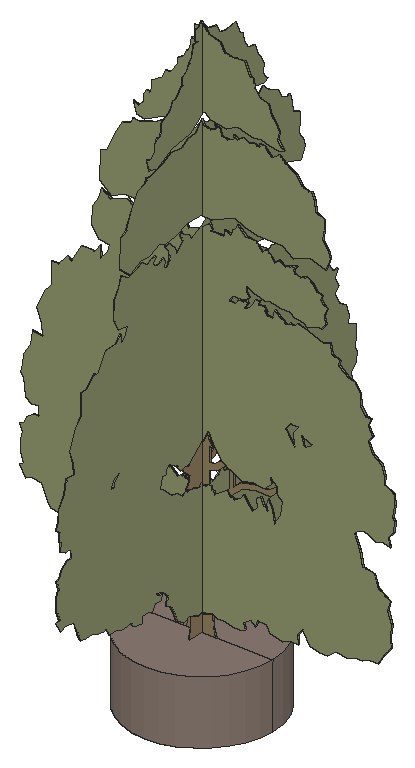
Revit family "L-PL상록교목_가이즈까향나무", category 수목, Revit 2019
Family settings
  OmniClass 번호 = 23.40.05.00
  OmniClass 제목 = Plants and Planting Products
  작업 기준면 기반 = 아니오
  항상 수직 = 예
  로드될 때 보이드를 사용하여 절단 = 아니오
  렌더 모양 소스 = 패밀리 형상
  공유 = 아니오
Parameters (values of type "가이즈까향나무")
  한국산업규격KS = ""
  콘 높이 = 뿌리분 직경 / 4  # 272.5 mm
  조달청표준공사코드-세부공종 = "10161599202809"
  뿌리분 직경 = (24 mm + ((R / 10) - 3 mm) * 5) * 10  # 1090 mm
  뿌리분 높이 = 뿌리분 직경 / 2  # 545 mm
  높이 = 5000 mm
  건설정보분류체계-부위분류 = "E985"
  R = 200 mm
  LIM_INFO_주의사항 = "재배포, 재가공, 판매 금지"
  LIM_INFO_제작일 = "20211210"
  LIM_INFO_버전 = "2022_V01"
  LIM_INFO_PL_학명 = "Quercus myrsinaefolia Bl."
  LIM_INFO_PL_품명 = "가시나무"
  LIM_INFO_PL_주당인정수량 = 0
  LIM_INFO_PL_수목단위 = "주"
  LIM_INFO_PL_규격 = "5.0H X 18R"
  LIM_INFO_PL_구분 = "상록교목"
  LIM_INFO_PL_가격 = 0
  LIM_INFO_PL_Qty [instance] = 0
  LIM_INFO_PL_M2당수량 = 0
  KBIMS_식별-버전 = ""
  KBIMS_식별-bSK등록번호 = ""
  KBIMS_보급정보-저작자 = "림인포테크_MMJ"
  KBIMS_보급정보-보급코드 = ""
  H = 높이  # 5000 mm
Reference planes
  plane 1 "중심(앞/뒤)": y = 0
  plane 2: z = 0
  plane 3 "중심(왼쪽/오른쪽)": x = 0
  plane 4: x = 482.5
  plane 5: x = -607.5
  plane 6: z = -545
  plane 7: z = -817.5
  plane 8: z = 5000
  plane 9: x = -100
  plane 10: x = 100
Forms (mm)
  Revolve 1, solid, material "흙"
    sketch origin (0, 0, 0) x (1, 0, 0) y (0, 0, 1)
      loop
        line (0, 0) -> (-607.5, 0) -> (-607.5, -545) -> (0, -545) -> (0, 0)
      axis (0, 0) -> (0, -545)
    angle from 0 to 360
  Revolve 2, solid, material "흙"
    sketch origin (0, 0, 0) x (1, 0, 0) y (0, 0, 1)
      loop
        line (0, -545) -> (-607.5, -545) -> (0, -817.5) -> (0, -545)
      axis (0, -545) -> (0, -817.5)
    angle from 0 to 360
Dimensions and locks
  "뿌리분 직경": plane 4 to plane 5
  "뿌리분 높이": plane 6 to level
  "콘 높이": plane 7 to plane 6
  "H": level to plane 8
  "R": plane 9 to plane 10
  aligned and locked: level to plane 2
Automatic sketch dimensions
  Revolve 1 sketch curve to level = 0 mm  (x2)
  Revolve 1 sketch curve to plane 5 = 0 mm
  Revolve 1 sketch curve to plane 3 "중심(왼쪽/오른쪽)" = 0 mm  (x2)
  Revolve 1 sketch curve to plane 6 = 0 mm  (x2)
  Revolve 2 sketch curve to plane 5 = 0 mm
  Revolve 2 sketch curve to plane 3 "중심(왼쪽/오른쪽)" = 0 mm  (x2)
  Revolve 2 sketch curve to plane 7 = 0 mm  (x2)
  Revolve 2 sketch curve to plane 6 = 0 mm  (x2)
Nested families
  nested 1: "가이즈까향나무_base" at (0, 0, 0), type "가이즈까향나무_base"
Definition of nested family "가이즈까향나무_base"
  Parameters (values of type "가이즈까향나무_base")
    Height = 6000 mm
  Reference planes
    plane 1 "중심(앞/뒤)": y = 0
    plane 2: z = 0
    plane 3 "중심(왼쪽/오른쪽)": x = 0
  Forms (mm)
    Revolve 1, solid, detail levels coarse
      sketch origin (0, 0, 0) x (1, 0, 0) y (0, 0, 1)
        loop
          line (0, 0) -> (0, 4500) -> (-585.248, 3777.279) -> (-493.51, 3732.535) -> (-992.845, 2708.747) -> (-890.865, 2659.009) -> (-1427.578, 1558.585) -> (-1293.09, 1506.96) -> (-1622.789, 648.066) -> (-100, 648.066) -> (-100, 0) -> (0, 0)
        axis (0, 4500) -> (0, 0)
      angle from 0 to 360
    Extrusion 2, solid, detail levels fine
      sketch origin (0, 0, 0) x (1, 0, 0) y (0, 0, 1)
        loop
          line (370.261, 4474.127) -> (275.795, 4461.774) -> (199.87, 4475.892) -> (163.672, 4540.305) -> (70.09, 4561.482) -> (-0.288, 4648.509) -> (-18.288, 4611.676) -> (-57.666, 4599.307) -> (-57.11, 4521.587) -> (-37.484, 4501.972) -> (-80.662, 4496.927) -> (-95.242, 4409.497) -> (-126.084, 4382.035) -> (-149.635, 4327.11) -> (-195.618, 4299.648) -> (-199.543, 4247.526) -> (-260.105, 4169.623) -> (-299.919, 4166.821) -> (-325.153, 4105.732) -> (-421.628, 4046.901) -> (-421.069, 3999.413) -> (-429.454, 3956.395) -> (-462.434, 3956.395) -> (-489.824, 3917.288) -> (-488.706, 3857.51) -> (-530.63, 3825.665) -> (-573.671, 3839.073) -> (-557.461, 3777.619) -> (-550.194, 3746.892) -> (-475.291, 3733.484) -> (-313.186, 3815.05) -> (-126.486, 3844.101) -> (-47.67, 3892.148) -> (34.5, 3964.775) -> (78.66, 3921.757) -> (218.405, 3903.321) -> (306.904, 3950.955) -> (375.1, 3923.515) -> (449.496, 3918.204) -> (514.149, 3926.17) -> (578.803, 3902.27) -> (658.513, 3886.337) -> (706.338, 3904.041) -> (677.997, 3930.596) -> (650.542, 3973.97) -> (666.484, 4035.932) -> (632.828, 4099.665) -> (596.272, 4137.061) -> (572.435, 4215.592) -> (492.978, 4233.239) -> (451.483, 4295.005) -> (442.655, 4358.536) -> (412.638, 4375.301) -> (370.261, 4474.127)
        loop
          line (939.833, 3678.675) -> (916.325, 3667.831) -> (853.94, 3691.326) -> (815.062, 3761.81) -> (721.032, 3809.703) -> (664.071, 3859.403) -> (605.302, 3816.932) -> (569.137, 3852.174) -> (535.835, 3885.156) -> (501.038, 3886.071) -> (507.448, 3849.463) -> (455.254, 3869.597) -> (400.312, 3859.53) -> (357.274, 3882.41) -> (314.237, 3854.954) -> (277.609, 3875.089) -> (281.272, 3837.566) -> (228.161, 3824.753) -> (174.135, 3832.074) -> (162.231, 3877.834) -> (112.784, 3897.968) -> (128.35, 3870.513) -> (81.65, 3847.633) -> (25.793, 3866.852) -> (7.479, 3898.884) -> (-46.993, 3816.019) -> (-132.796, 3809.633) -> (-196.691, 3767.668) -> (-317.179, 3785.001) -> (-410.284, 3733.913) -> (-531.686, 3698.334) -> (-580.976, 3704.72) -> (-587.366, 3666.403) -> (-668.604, 3641.772) -> (-734.325, 3529.56) -> (-805.523, 3384.505) -> (-848.424, 3365.347) -> (-862.235, 3133.957) -> (-763.056, 3052.111) -> (-645.679, 3105.766) -> (-557.419, 3097.581) -> (-436.402, 3146.689) -> (-383.628, 3111.222) -> (-278.08, 3128.501) -> (-137.956, 3170.333) -> (96.798, 3167.605) -> (285.146, 3253.089) -> (376.136, 3203.981) -> (481.684, 3181.246) -> (696.42, 3183.065) -> (789.23, 3115.769) -> (922.985, 3173.061) -> (1058.559, 3126.682) -> (1096.775, 3218.531) -> (1083.127, 3270.367) -> (1033.992, 3344.029) -> (1044.713, 3433.788) -> (1045.617, 3499.754) -> (973.286, 3535.9) -> (965.149, 3614.516) -> (939.833, 3678.675)
        loop
          line (-1205.138, 2379.796) -> (-1268.067, 2376.652) -> (-1266.494, 2197.401) -> (-1329.423, 2129.789) -> (-1392.353, 1983.558) -> (-1351.448, 1875.064) -> (-1340.436, 1782.294) -> (-1430.11, 1791.728) -> (-1448.565, 1677.796) -> (-1507.389, 1587.649) -> (-1512.291, 1500.44) -> (-1534.84, 1440.668) -> (-1504.448, 1414.212) -> (-1491.702, 1267.232) -> (-1437.78, 1232.937) -> (-1380.917, 1237.836) -> (-1375.034, 1164.346) -> (-1417.192, 1162.386) -> (-1481.575, 1113.416) -> (-1501.903, 1064.073) -> (-1535.784, 1052.463) -> (-1515.456, 987.641) -> (-1532.88, 930.559) -> (-1533.848, 828.004) -> (-1505.775, 746.734) -> (-1538.916, 740.177) -> (-1484.878, 654.342) -> (-1442.42, 670.738) -> (-1349.784, 660.129) -> (-1301.536, 537.646) -> (-1277.412, 498.105) -> (-1220.48, 485.567) -> (-1159.687, 490.389) -> (-1085.385, 460.492) -> (-1028.453, 450.848) -> (-1000.469, 471.101) -> (-997.574, 450.848) -> (-973.45, 407.448) -> (-895.794, 413.758) -> (-843.646, 389.232) -> (-793.032, 390.764) -> (-748.553, 401.495) -> (-724.012, 364.705) -> (-681.067, 344.777) -> (-630.452, 337.112) -> (-627.385, 393.83) -> (-561.433, 401.495) -> (-523.089, 373.902) -> (-492.413, 432.154) -> (-434.13, 432.154) -> (-418.793, 470.477) -> (-460.204, 475.076) -> (-484.745, 505.734) -> (-420.326, 495.004) -> (-358.976, 435.219) -> (-369.712, 364.705) -> (-322.165, 335.579) -> (-296.091, 284.992) -> (-263.882, 200.681) -> (-184.126, 153.161) -> (-118.174, 176.154) -> (-84.431, 157.759) -> (-27.682, 143.963) -> (100.498, 176.909) -> (137.834, 152.033) -> (188.572, 152.033) -> (268.03, 135.767) -> (328.342, 130.026) -> (374.294, 146.292) -> (361.848, 198.916) -> (420.245, 237.188) -> (464.282, 205.614) -> (483.429, 252.497) -> (553.085, 246.067) -> (578.994, 195.8) -> (696.347, 169.906) -> (743.592, 195.8) -> (825.891, 194.277) -> (821.319, 265.869) -> (860.945, 320.705) -> (924.955, 223.218) -> (1005.73, 194.277) -> (1072.789, 197.324) -> (1138.323, 252.16) -> (1237.387, 238.451) -> (1305.969, 261.299) -> (1374.552, 265.869) -> (1417.225, 290.24) -> (1504.097, 290.24) -> (1558.963, 372.494) -> (1616.877, 442.563) -> (1606.208, 521.77) -> (1618.401, 620.78) -> (1586.396, 721.312) -> (1604.684, 789.857) -> (1507.145, 861.449) -> (1469.043, 955.889) -> (1374.552, 980.26) -> (1348.643, 1099.072) -> (1299.228, 1213.579) -> (1343.216, 1239.351) -> (1376.586, 1256.026) -> (1429.674, 1230.255) -> (1484.279, 1204.483) -> (1532.817, 1224.191) -> (1605.624, 1207.515) -> (1588.939, 1271.186) -> (1635.961, 1330.31) -> (1646.578, 1415.205) -> (1628.377, 1444.008) -> (1643.545, 1537.999) -> (1642.028, 1622.895) -> (1554.053, 1662.31) -> (1560.12, 1727.497) -> (1534.334, 1812.393) -> (1456.977, 1866.968) -> (1419.962, 1947.938) -> (1456.943, 1993.429) -> (1420.91, 2069.248) -> (1446.513, 2130.85) -> (1397.204, 2130.85) -> (1354.532, 2199.087) -> (1351.688, 2292.912) -> (1300.482, 2360.201) -> (1255.914, 2375.365) -> (1170.572, 2437.915) -> (1177.21, 2474.877) -> (1109.884, 2505.204) -> (1097.557, 2580.075) -> (1030.231, 2557.329) -> (870.729, 2617.621) -> (821.213, 2630.43) -> (790.921, 2605.976) -> (753.638, 2611.217) -> (728.006, 2587.928) -> (681.986, 2622.861) -> (626.062, 2664.781) -> (611.498, 2604.812) -> (563.73, 2605.394) -> (542.175, 2632.759) -> (564.312, 2633.341) -> (536.35, 2664.781) -> (485.669, 2657.794) -> (497.902, 2688.07) -> (461.202, 2688.07) -> (436.735, 2644.986) -> (399.453, 2594.914) -> (367.413, 2593.75) -> (397.122, 2632.177) -> (390.715, 2658.959) -> (363.335, 2642.074) -> (320.432, 2640.835) -> (292.522, 2598.992) -> (239.723, 2604.187) -> (272.951, 2650.311) -> (312.64, 2650.311) -> (358.789, 2652.156) -> (411.4, 2687.211) -> (383.71, 2725.033) -> (383.71, 2763.777) -> (450.166, 2737.025) -> (536.927, 2708.428) -> (575.693, 2722.265) -> (613.536, 2708.428) -> (685.529, 2700.126) -> (753.831, 2700.126) -> (790.751, 2665.071) -> (832.285, 2664.149) -> (873.82, 2660.459) -> (902.433, 2631.861) -> (977.196, 2663.226) -> (1027.037, 2664.149) -> (1057.496, 2708.428) -> (1044.574, 2765.622) -> (1072.264, 2832.042) -> (1043.651, 2852.336) -> (1018.73, 2880.934) -> (1027.96, 2914.143) -> (980.888, 2934.438) -> (952.275, 2977.795) -> (894.126, 3014.695) -> (850.745, 2993.477) -> (790.751, 3001.78) -> (787.982, 3034.067) -> (819.364, 3065.432) -> (767.676, 3052.517) -> (717.834, 3029.455) -> (667.069, 3059.897) -> (623.689, 3026.687) -> (605.229, 3058.052) -> (554.464, 3102.331) -> (521.236, 3074.656) -> (461.242, 3134.618) -> (380.018, 3141.998) -> (310.794, 3203.805) -> (294.205, 3168.751) -> (267.48, 3151.934) -> (258.572, 3100.493) -> (244.715, 3115.332) -> (202.154, 3129.181) -> (204.134, 3072.794) -> (163.552, 3080.708) -> (83.38, 3078.73) -> (96.247, 3091.59) -> (73.482, 3132.149) -> (8.156, 3083.676) -> (-74.152, 3046.323) -> (-104.186, 3036.844) -> (-131.059, 3074.761) -> (-194.289, 3107.938) -> (-206.935, 3133.216) -> (-219.581, 3109.518) -> (-194.289, 3049.483) -> (-260.68, 2981.548) -> (-276.488, 3043.163) -> (-334.976, 3098.459) -> (-376.075, 3090.56) -> (-342.879, 3049.483) -> (-338.137, 2984.708) -> (-357.106, 2923.092) -> (-401.367, 2948.37) -> (-388.721, 2983.128) -> (-396.625, 3014.725) -> (-445.628, 2991.027) -> (-483.566, 2997.347) -> (-512.019, 3024.205) -> (-481.985, 3068.441) -> (-523.085, 3065.282) -> (-570.507, 3040.003) -> (-622.672, 3077.921) -> (-679.578, 3054.222) -> (-766.52, 3027.364) -> (-843.976, 3079.5) -> (-872.43, 2995.767) -> (-916.691, 2918.352) -> (-926.175, 2773.003) -> (-872.43, 2682.95) -> (-777.282, 2668.333) -> (-796.221, 2611.547) -> (-848.303, 2546.875) -> (-856.194, 2639.94) -> (-895.65, 2584.732) -> (-1010.862, 2581.577) -> (-1095.011, 2434.829) -> (-1134.342, 2459.987) -> (-1205.138, 2379.796)
        loop
          line (762.119, 1854.114) -> (715.051, 1796.121) -> (792.573, 1688.802) -> (789.78, 1794.895) -> (833.267, 1854.114) -> (762.119, 1854.114)
        loop
          line (-850.97, 1596.539) -> (-932.509, 1573.289) -> (-962.386, 1517.498) -> (-912.07, 1490.552) -> (-912.07, 1528.276) -> (-850.97, 1596.539)
        loop
          line (875.013, 1705.097) -> (957.804, 1749.926) -> (857.765, 1794.754) -> (875.013, 1705.097)
        loop
          line (-246.379, 1160.2) -> (-197.028, 1118.992) -> (-162.044, 1139.596) -> (-101.449, 1125.236) -> (-65.841, 1122.114) -> (-48.974, 1113.373) -> (-28.359, 1113.373) -> (1.002, 1132.728) -> (17.869, 1119.617) -> (55.351, 1140.22) -> (87.835, 1138.347) -> (87.835, 1112.124) -> (110.324, 1112.749) -> (114.318, 1079.85) -> (192.392, 1130.809) -> (224.259, 1159.473) -> (246.566, 1119.661) -> (286.4, 1108.514) -> (340.573, 1130.809) -> (364.474, 1172.213) -> (393.154, 1124.439) -> (436.174, 1076.665) -> (483.975, 1108.514) -> (472.821, 1181.768) -> (509.468, 1205.655) -> (533.369, 1143.549) -> (570.016, 1116.477) -> (554.082, 1164.251) -> (571.609, 1210.433) -> (606.663, 1141.956) -> (627.376, 1040.038) -> (678.363, 1124.439) -> (689.517, 1229.542) -> (646.496, 1272.539) -> (649.683, 1336.238) -> (592.322, 1380.828) -> (598.696, 1336.238) -> (530.182, 1277.317) -> (436.174, 1296.426) -> (342.167, 1272.539) -> (182.832, 1350.571) -> (128.658, 1423.824) -> (104.758, 1471.599) -> (61.738, 1552.815) -> (10.853, 1446.821) -> (-124.33, 1341.96) -> (-215.125, 1320.787) -> (-266.575, 1384.308) -> (-339.211, 1429.681) -> (-372.502, 1401.449) -> (-372.502, 1363.134) -> (-422.944, 1363.134) -> (-438.786, 1274.457) -> (-402.554, 1258.848) -> (-315.096, 1178.306) -> (-246.379, 1160.2)
      from 0 to 5
    Extrusion 3, solid, detail levels fine
      sketch origin (0, 0, 0) x (1, 0, 0) y (0, 0, 1)
        loop
          line (-124.345, 1194.073) -> (-153.097, 1145.734) -> (-99.103, 1131.534) -> (-64.041, 1130.311) -> (-45.286, 1119.307) -> (-31.016, 1118.084) -> (-0.031, 1141.315) -> (19.131, 1127.458) -> (68.949, 1152.306) -> (72.07, 1256.297) -> (134.487, 1276.056) -> (205.365, 1333.088) -> (179.747, 1346.502) -> (166.327, 1361.543) -> (111.17, 1317.608) -> (73.643, 1321.489) -> (76.231, 1433.383) -> (89.171, 1430.796) -> (96.289, 1447.612) -> (69.761, 1481.245) -> (60.056, 1531.694) -> (17.352, 1443.731) -> (-123.698, 1330.544) -> (-117.875, 1309.2) -> (-159.284, 1325.37) -> (-191.635, 1317.608) -> (-176.106, 1285.916) -> (-124.345, 1243.875) -> (-124.345, 1194.073)
        loop
          line (280.265, 1204.835) -> (278.68, 1298.315) -> (239.562, 1318.21) -> (245.903, 1175.304) -> (227.591, 1159.567) -> (249.369, 1122.599) -> (352.508, 1212.144) -> (470.849, 1235.969) -> (590.835, 1238.022) -> (642.61, 1283.206) -> (645.075, 1329.622) -> (585.493, 1285.67) -> (545.224, 1284.027) -> (527.144, 1270.472) -> (465.508, 1283.617) -> (341.824, 1257.739) -> (280.265, 1204.835)
        loop
          line (-125, 0) -> (125, 0) -> (102.721, 76.829) -> (100.694, 165.285) -> (-18.867, 135.574) -> (-81.687, 150.43) -> (-108.031, 162.584) -> (-108.706, 94.385) -> (-125, 0)
      from 0 to 5
    Extrusion 4, solid, detail levels fine
      sketch origin (-3.998, -6.002, 0) x (0, 1, 0) y (0, 0, 1)
        loop
          line (370.261, 4474.127) -> (275.795, 4461.774) -> (199.87, 4475.892) -> (163.672, 4540.305) -> (70.09, 4561.482) -> (-0.288, 4648.509) -> (-18.288, 4611.676) -> (-57.666, 4599.307) -> (-57.11, 4521.587) -> (-37.484, 4501.972) -> (-80.662, 4496.927) -> (-95.242, 4409.497) -> (-126.084, 4382.035) -> (-149.635, 4327.11) -> (-195.618, 4299.648) -> (-199.543, 4247.526) -> (-260.105, 4169.623) -> (-299.919, 4166.821) -> (-325.153, 4105.732) -> (-421.628, 4046.901) -> (-421.069, 3999.413) -> (-429.454, 3956.395) -> (-462.434, 3956.395) -> (-489.824, 3917.288) -> (-488.706, 3857.51) -> (-530.63, 3825.665) -> (-573.671, 3839.073) -> (-557.461, 3777.619) -> (-550.194, 3746.892) -> (-475.291, 3733.484) -> (-313.186, 3815.05) -> (-126.486, 3844.101) -> (-47.67, 3892.148) -> (34.5, 3964.775) -> (78.66, 3921.757) -> (218.405, 3903.321) -> (306.904, 3950.955) -> (375.1, 3923.515) -> (449.496, 3918.204) -> (514.149, 3926.17) -> (578.803, 3902.27) -> (658.513, 3886.337) -> (706.338, 3904.041) -> (677.997, 3930.596) -> (650.542, 3973.97) -> (666.484, 4035.932) -> (632.828, 4099.665) -> (596.272, 4137.061) -> (572.435, 4215.592) -> (492.978, 4233.239) -> (451.483, 4295.005) -> (442.655, 4358.536) -> (412.638, 4375.301) -> (370.261, 4474.127)
        loop
          line (939.833, 3678.675) -> (916.325, 3667.831) -> (853.94, 3691.326) -> (815.062, 3761.81) -> (721.032, 3809.703) -> (664.071, 3859.403) -> (605.302, 3816.932) -> (569.137, 3852.174) -> (535.835, 3885.156) -> (501.038, 3886.071) -> (507.448, 3849.463) -> (455.254, 3869.597) -> (400.312, 3859.53) -> (357.274, 3882.41) -> (314.237, 3854.954) -> (277.609, 3875.089) -> (281.272, 3837.566) -> (228.161, 3824.753) -> (174.135, 3832.074) -> (162.231, 3877.834) -> (112.784, 3897.968) -> (128.35, 3870.513) -> (81.65, 3847.633) -> (25.793, 3866.852) -> (7.479, 3898.884) -> (-46.993, 3816.019) -> (-132.796, 3809.633) -> (-196.691, 3767.668) -> (-317.179, 3785.001) -> (-410.284, 3733.913) -> (-531.686, 3698.334) -> (-580.976, 3704.72) -> (-587.366, 3666.403) -> (-668.604, 3641.772) -> (-734.325, 3529.56) -> (-805.523, 3384.505) -> (-848.424, 3365.347) -> (-862.235, 3133.957) -> (-763.056, 3052.111) -> (-645.679, 3105.766) -> (-557.419, 3097.581) -> (-436.402, 3146.689) -> (-383.628, 3111.222) -> (-278.08, 3128.501) -> (-137.956, 3170.333) -> (96.798, 3167.605) -> (285.146, 3253.089) -> (376.136, 3203.981) -> (481.684, 3181.246) -> (696.42, 3183.065) -> (789.23, 3115.769) -> (922.985, 3173.061) -> (1058.559, 3126.682) -> (1096.775, 3218.531) -> (1083.127, 3270.367) -> (1033.992, 3344.029) -> (1044.713, 3433.788) -> (1045.617, 3499.754) -> (973.286, 3535.9) -> (965.149, 3614.516) -> (939.833, 3678.675)
        loop
          line (-1205.138, 2379.796) -> (-1268.067, 2376.652) -> (-1266.494, 2197.401) -> (-1329.423, 2129.789) -> (-1392.353, 1983.558) -> (-1351.448, 1875.064) -> (-1340.436, 1782.294) -> (-1430.11, 1791.728) -> (-1448.565, 1677.796) -> (-1507.389, 1587.649) -> (-1512.291, 1500.44) -> (-1534.84, 1440.668) -> (-1504.448, 1414.212) -> (-1491.702, 1267.232) -> (-1437.78, 1232.937) -> (-1380.917, 1237.836) -> (-1375.034, 1164.346) -> (-1417.192, 1162.386) -> (-1481.575, 1113.416) -> (-1501.903, 1064.073) -> (-1535.784, 1052.463) -> (-1515.456, 987.641) -> (-1532.88, 930.559) -> (-1533.848, 828.004) -> (-1505.775, 746.734) -> (-1538.916, 740.177) -> (-1484.878, 654.342) -> (-1442.42, 670.738) -> (-1349.784, 660.129) -> (-1301.536, 537.646) -> (-1277.412, 498.105) -> (-1220.48, 485.567) -> (-1159.687, 490.389) -> (-1085.385, 460.492) -> (-1028.453, 450.848) -> (-1000.469, 471.101) -> (-997.574, 450.848) -> (-973.45, 407.448) -> (-895.794, 413.758) -> (-843.646, 389.232) -> (-793.032, 390.764) -> (-748.553, 401.495) -> (-724.012, 364.705) -> (-681.067, 344.777) -> (-630.452, 337.112) -> (-627.385, 393.83) -> (-561.433, 401.495) -> (-523.089, 373.902) -> (-492.413, 432.154) -> (-434.13, 432.154) -> (-418.793, 470.477) -> (-460.204, 475.076) -> (-484.745, 505.734) -> (-420.326, 495.004) -> (-358.976, 435.219) -> (-369.712, 364.705) -> (-322.165, 335.579) -> (-296.091, 284.992) -> (-263.882, 200.681) -> (-184.126, 153.161) -> (-118.174, 176.154) -> (-84.431, 157.759) -> (-27.682, 143.963) -> (100.498, 176.909) -> (137.834, 152.033) -> (188.572, 152.033) -> (268.03, 135.767) -> (328.342, 130.026) -> (374.294, 146.292) -> (361.848, 198.916) -> (420.245, 237.188) -> (464.282, 205.614) -> (483.429, 252.497) -> (553.085, 246.067) -> (578.994, 195.8) -> (696.347, 169.906) -> (743.592, 195.8) -> (825.891, 194.277) -> (821.319, 265.869) -> (860.945, 320.705) -> (924.955, 223.218) -> (1005.73, 194.277) -> (1072.789, 197.324) -> (1138.323, 252.16) -> (1237.387, 238.451) -> (1305.969, 261.299) -> (1374.552, 265.869) -> (1417.225, 290.24) -> (1504.097, 290.24) -> (1558.963, 372.494) -> (1616.877, 442.563) -> (1606.208, 521.77) -> (1618.401, 620.78) -> (1586.396, 721.312) -> (1604.684, 789.857) -> (1507.145, 861.449) -> (1469.043, 955.889) -> (1374.552, 980.26) -> (1348.643, 1099.072) -> (1299.228, 1213.579) -> (1343.216, 1239.351) -> (1376.586, 1256.026) -> (1429.674, 1230.255) -> (1484.279, 1204.483) -> (1532.817, 1224.191) -> (1605.624, 1207.515) -> (1588.939, 1271.186) -> (1635.961, 1330.31) -> (1646.578, 1415.205) -> (1628.377, 1444.008) -> (1643.545, 1537.999) -> (1642.028, 1622.895) -> (1554.053, 1662.31) -> (1560.12, 1727.497) -> (1534.334, 1812.393) -> (1456.977, 1866.968) -> (1419.962, 1947.938) -> (1456.943, 1993.429) -> (1420.91, 2069.248) -> (1446.513, 2130.85) -> (1397.204, 2130.85) -> (1354.532, 2199.087) -> (1351.688, 2292.912) -> (1300.482, 2360.201) -> (1255.914, 2375.365) -> (1170.572, 2437.915) -> (1177.21, 2474.877) -> (1109.884, 2505.204) -> (1097.557, 2580.075) -> (1030.231, 2557.329) -> (870.729, 2617.621) -> (821.213, 2630.43) -> (790.921, 2605.976) -> (753.638, 2611.217) -> (728.006, 2587.928) -> (681.986, 2622.861) -> (626.062, 2664.781) -> (611.498, 2604.812) -> (563.73, 2605.394) -> (542.175, 2632.759) -> (564.312, 2633.341) -> (536.35, 2664.781) -> (485.669, 2657.794) -> (497.902, 2688.07) -> (461.202, 2688.07) -> (436.735, 2644.986) -> (399.453, 2594.914) -> (367.413, 2593.75) -> (397.122, 2632.177) -> (390.715, 2658.959) -> (363.335, 2642.074) -> (320.432, 2640.835) -> (292.522, 2598.992) -> (239.723, 2604.187) -> (272.951, 2650.311) -> (312.64, 2650.311) -> (358.789, 2652.156) -> (411.4, 2687.211) -> (383.71, 2725.033) -> (383.71, 2763.777) -> (450.166, 2737.025) -> (536.927, 2708.428) -> (575.693, 2722.265) -> (613.536, 2708.428) -> (685.529, 2700.126) -> (753.831, 2700.126) -> (790.751, 2665.071) -> (832.285, 2664.149) -> (873.82, 2660.459) -> (902.433, 2631.861) -> (977.196, 2663.226) -> (1027.037, 2664.149) -> (1057.496, 2708.428) -> (1044.574, 2765.622) -> (1072.264, 2832.042) -> (1043.651, 2852.336) -> (1018.73, 2880.934) -> (1027.96, 2914.143) -> (980.888, 2934.438) -> (952.275, 2977.795) -> (894.126, 3014.695) -> (850.745, 2993.477) -> (790.751, 3001.78) -> (787.982, 3034.067) -> (819.364, 3065.432) -> (767.676, 3052.517) -> (717.834, 3029.455) -> (667.069, 3059.897) -> (623.689, 3026.687) -> (605.229, 3058.052) -> (554.464, 3102.331) -> (521.236, 3074.656) -> (461.242, 3134.618) -> (380.018, 3141.998) -> (310.794, 3203.805) -> (294.205, 3168.751) -> (267.48, 3151.934) -> (258.572, 3100.493) -> (244.715, 3115.332) -> (202.154, 3129.181) -> (204.134, 3072.794) -> (163.552, 3080.708) -> (83.38, 3078.73) -> (96.247, 3091.59) -> (73.482, 3132.149) -> (8.156, 3083.676) -> (-74.152, 3046.323) -> (-104.186, 3036.844) -> (-131.059, 3074.761) -> (-194.289, 3107.938) -> (-206.935, 3133.216) -> (-219.581, 3109.518) -> (-194.289, 3049.483) -> (-260.68, 2981.548) -> (-276.488, 3043.163) -> (-334.976, 3098.459) -> (-376.075, 3090.56) -> (-342.879, 3049.483) -> (-338.137, 2984.708) -> (-357.106, 2923.092) -> (-401.367, 2948.37) -> (-388.721, 2983.128) -> (-396.625, 3014.725) -> (-445.628, 2991.027) -> (-483.566, 2997.347) -> (-512.019, 3024.205) -> (-481.985, 3068.441) -> (-523.085, 3065.282) -> (-570.507, 3040.003) -> (-622.672, 3077.921) -> (-679.578, 3054.222) -> (-766.52, 3027.364) -> (-843.976, 3079.5) -> (-872.43, 2995.767) -> (-916.691, 2918.352) -> (-926.175, 2773.003) -> (-872.43, 2682.95) -> (-777.282, 2668.333) -> (-796.221, 2611.547) -> (-848.303, 2546.875) -> (-856.194, 2639.94) -> (-895.65, 2584.732) -> (-1010.862, 2581.577) -> (-1095.011, 2434.829) -> (-1134.342, 2459.987) -> (-1205.138, 2379.796)
        loop
          line (762.119, 1854.114) -> (715.051, 1796.121) -> (792.573, 1688.802) -> (789.78, 1794.895) -> (833.267, 1854.114) -> (762.119, 1854.114)
        loop
          line (-850.97, 1596.539) -> (-932.509, 1573.289) -> (-962.386, 1517.498) -> (-912.07, 1490.552) -> (-912.07, 1528.276) -> (-850.97, 1596.539)
        loop
          line (875.013, 1705.097) -> (957.804, 1749.926) -> (857.765, 1794.754) -> (875.013, 1705.097)
        loop
          line (-246.379, 1160.2) -> (-197.028, 1118.992) -> (-162.044, 1139.596) -> (-101.449, 1125.236) -> (-65.841, 1122.114) -> (-48.974, 1113.373) -> (-28.359, 1113.373) -> (1.002, 1132.728) -> (17.869, 1119.617) -> (55.351, 1140.22) -> (87.835, 1138.347) -> (87.835, 1112.124) -> (110.324, 1112.749) -> (114.318, 1079.85) -> (192.392, 1130.809) -> (224.259, 1159.473) -> (246.566, 1119.661) -> (286.4, 1108.514) -> (340.573, 1130.809) -> (364.474, 1172.213) -> (393.154, 1124.439) -> (436.174, 1076.665) -> (483.975, 1108.514) -> (472.821, 1181.768) -> (509.468, 1205.655) -> (533.369, 1143.549) -> (570.016, 1116.477) -> (554.082, 1164.251) -> (571.609, 1210.433) -> (606.663, 1141.956) -> (627.376, 1040.038) -> (678.363, 1124.439) -> (689.517, 1229.542) -> (646.496, 1272.539) -> (649.683, 1336.238) -> (592.322, 1380.828) -> (598.696, 1336.238) -> (530.182, 1277.317) -> (436.174, 1296.426) -> (342.167, 1272.539) -> (182.832, 1350.571) -> (128.658, 1423.824) -> (104.758, 1471.599) -> (61.738, 1552.815) -> (10.853, 1446.821) -> (-124.33, 1341.96) -> (-215.125, 1320.787) -> (-266.575, 1384.308) -> (-339.211, 1429.681) -> (-372.502, 1401.449) -> (-372.502, 1363.134) -> (-422.944, 1363.134) -> (-438.786, 1274.457) -> (-402.554, 1258.848) -> (-315.096, 1178.306) -> (-246.379, 1160.2)
      from 0 to 5
    Extrusion 5, solid, detail levels fine
      sketch origin (-3.998, -6.002, 0) x (0, 1, 0) y (0, 0, 1)
        loop
          line (-124.345, 1194.073) -> (-153.097, 1145.734) -> (-99.103, 1131.534) -> (-64.041, 1130.311) -> (-45.286, 1119.307) -> (-31.016, 1118.084) -> (-0.031, 1141.315) -> (19.131, 1127.458) -> (68.949, 1152.306) -> (72.07, 1256.297) -> (134.487, 1276.056) -> (205.365, 1333.088) -> (179.747, 1346.502) -> (166.327, 1361.543) -> (111.17, 1317.608) -> (73.643, 1321.489) -> (76.231, 1433.383) -> (89.171, 1430.796) -> (96.289, 1447.612) -> (69.761, 1481.245) -> (60.056, 1531.694) -> (17.352, 1443.731) -> (-123.698, 1330.544) -> (-117.875, 1309.2) -> (-159.284, 1325.37) -> (-191.635, 1317.608) -> (-176.106, 1285.916) -> (-124.345, 1243.875) -> (-124.345, 1194.073)
        loop
          line (280.265, 1204.835) -> (278.68, 1298.315) -> (239.562, 1318.21) -> (245.903, 1175.304) -> (227.591, 1159.567) -> (249.369, 1122.599) -> (352.508, 1212.144) -> (470.849, 1235.969) -> (590.835, 1238.022) -> (642.61, 1283.206) -> (645.075, 1329.622) -> (585.493, 1285.67) -> (545.224, 1284.027) -> (527.144, 1270.472) -> (465.508, 1283.617) -> (341.824, 1257.739) -> (280.265, 1204.835)
        loop
          line (-125, 0) -> (125, 0) -> (102.721, 76.829) -> (100.694, 165.285) -> (-18.867, 135.574) -> (-81.687, 150.43) -> (-108.031, 162.584) -> (-108.706, 94.385) -> (-125, 0)
      from 0 to 5
  Lines and regions (mm)
    symbolic lines
      curve 1: arc (-226.107, 80.027, 0) -> (-240.26, 152.194, 0) -> (-259.331, 223.22, 0) r 1071.206
      curve 2: arc (-259.331, 223.22, 0) -> (-269.552, 247.955, 0) -> (-284.271, 270.308, 0) r 140.756
      curve 3: arc (-284.271, 270.308, 0) -> (-304.162, 287.73, 0) -> (-328.802, 297.324, 0) r 76.371
      curve 4: arc (-328.802, 297.324, 0) -> (-385.667, 304.136, 0) -> (-442.899, 302.022, 0) r 367.106
      curve 5: arc (-442.899, 302.022, 0) -> (-504.781, 285.929, 0) -> (-559.842, 253.424, 0) r 230.05
      curve 6: arc (-559.842, 253.424, 0) -> (-616.848, 219.354, 0) -> (-680.841, 201.596, 0) r 248.546
      curve 7: arc (-680.841, 201.596, 0) -> (-742.796, 197.223, 0) -> (-804.786, 201.074, 0) r 469.142
      curve 8: arc (-804.786, 201.074, 0) -> (-826.79, 208.182, 0) -> (-844.757, 222.738, 0) r 63.123
      curve 9: arc (-844.757, 222.738, 0) -> (-856.691, 239.525, 0) -> (-865.511, 258.137, 0) r 117.548
      curve 10: arc (-865.511, 258.137, 0) -> (-883.289, 311.279, 0) -> (-897.633, 365.449, 0) r 875.954
      curve 11: arc (-897.633, 365.449, 0) -> (-912.653, 444.405, 0) -> (-921.493, 524.288, 0) r 1033.786
      curve 12: arc (-921.493, 524.288, 0) -> (-923.264, 592.927, 0) -> (-918.784, 661.443, 0) r 754.088
      curve 13: arc (-918.784, 661.443, 0) -> (-903.916, 708.003, 0) -> (-872.219, 745.207, 0) r 124.07
      curve 14: arc (-872.219, 745.207, 0) -> (-839.564, 783.141, 0) -> (-823.607, 830.582, 0) r 130.385
      curve 15: arc (-823.607, 830.582, 0) -> (-827.364, 886.281, 0) -> (-852.382, 936.185, 0) r 141.419
      curve 16: arc (-852.382, 936.185, 0) -> (-898.367, 977.269, 0) -> (-955.797, 999.722, 0) r 173.899
      curve 17: arc (-955.797, 999.722, 0) -> (-1019.593, 1003.198, 0) -> (-1081.864, 988.906, 0) r 228.897
      curve 18: arc (-1081.864, 988.906, 0) -> (-1148.119, 954.047, 0) -> (-1204.315, 904.581, 0) r 316.037
      curve 19: arc (-1204.315, 904.581, 0) -> (-1266.237, 829.036, 0) -> (-1321.336, 748.38, 0) r 1119.126
      curve 20: arc (-1321.336, 748.38, 0) -> (-1361.837, 675.068, 0) -> (-1394.668, 598.016, 0) r 822.227
      curve 21: arc (-1394.668, 598.016, 0) -> (-1426.783, 505.768, 0) -> (-1455.773, 412.49, 0) r 2900.301
      curve 22: arc (-1455.773, 412.49, 0) -> (-1477.049, 333.868, 0) -> (-1495.133, 254.452, 0) r 2016.367
      curve 23: arc (-1495.133, 254.452, 0) -> (-1516.126, 134.208, 0) -> (-1529.667, 12.9, 0) r 1979.019
      curve 24: arc (-1529.667, 12.9, 0) -> (-1534.671, -96.205, 0) -> (-1532.146, -205.396, 0) r 1584.122
      curve 25: arc (-1532.146, -205.396, 0) -> (-1521.5, -307.646, 0) -> (-1501.478, -408.481, 0) r 1114.451
      curve 26: arc (-1501.478, -408.481, 0) -> (-1468.431, -522.505, 0) -> (-1426.394, -633.53, 0) r 1486.975
      curve 27: arc (-1426.394, -633.53, 0) -> (-1373.81, -747.074, 0) -> (-1314.109, -857.043, 0) r 1965.951
      curve 28: arc (-1314.109, -857.043, 0) -> (-1272.996, -919.438, 0) -> (-1225.465, -977.094, 0) r 699.774
      curve 29: arc (-1225.465, -977.094, 0) -> (-1191.539, -1012.755, 0) -> (-1156.377, -1047.197, 0) r 1396.421
      curve 30: arc (-1156.377, -1047.197, 0) -> (-1093.683, -1105.286, 0) -> (-1029.823, -1162.09, 0) r 4211.335
      curve 31: arc (-1029.823, -1162.09, 0) -> (-976.104, -1206.62, 0) -> (-920.249, -1248.44, 0) r 1411.431
      curve 32: arc (-920.249, -1248.44, 0) -> (-857, -1291.284, 0) -> (-791.881, -1331.23, 0) r 1692.04
      curve 33: arc (-791.881, -1331.23, 0) -> (-731.042, -1355.54, 0) -> (-665.762, -1361.11, 0) r 222.877
      curve 34: arc (-665.762, -1361.11, 0) -> (-557.4, -1344.828, 0) -> (-453.474, -1310.087, 0) r 632.453
      curve 35: arc (-453.474, -1310.087, 0) -> (-374.918, -1264.026, 0) -> (-309.685, -1200.486, 0) r 377.316
      curve 36: arc (-309.685, -1200.486, 0) -> (-273.422, -1137.731, 0) -> (-257.833, -1066.949, 0) r 236.869
      curve 37: arc (-257.833, -1066.949, 0) -> (-276.513, -992.678, 0) -> (-334.829, -943.036, 0) r 125.686
      curve 38: arc (-334.829, -943.036, 0) -> (-388.501, -894.891, 0) -> (-400.598, -823.812, 0) r 109.488
      curve 39: arc (-400.598, -823.812, 0) -> (-391.581, -783.812, 0) -> (-378.246, -745.038, 0) r 374.53
      curve 40: arc (-378.246, -745.038, 0) -> (-357.047, -698.831, 0) -> (-331.859, -654.672, 0) r 576.336
      curve 41: arc (-331.859, -654.672, 0) -> (-285.98, -603.38, 0) -> (-225.803, -569.995, 0) r 206.673
      curve 42: arc (-225.803, -569.995, 0) -> (-165.914, -536.709, 0) -> (-120.355, -485.533, 0) r 204.82
      curve 43: arc (-120.355, -485.533, 0) -> (-132.754, -359.927, 0) -> (-257.42, -340.204, 0) r 103.23
      curve 44: arc (-257.42, -340.204, 0) -> (-382.624, -316.88, 0) -> (-384.735, -189.539, 0) r 100.649
      curve 45: arc (-384.735, -189.539, 0) -> (-339.972, -156.279, 0) -> (-284.556, -150.027, 0) r 107.12
      curve 46: arc (-284.556, -150.027, 0) -> (-243.606, -140.344, 0) -> (-220.82, -104.969, 0) r 56.275
      curve 47: arc (-220.82, -104.969, 0) -> (-216.13, -70.357, 0) -> (-215.228, -35.439, 0) r 321.12
      curve 48: arc (-215.228, -35.439, 0) -> (-218.78, 22.472, 0) -> (-226.107, 80.027, 0) r 887.691
      curve 49: arc (85.862, -247.681, 0) -> (32.9, -260.356, 0) -> (-19.453, -275.344, 0) r 1239.444
      curve 50: arc (-19.453, -275.344, 0) -> (-43.925, -284.191, 0) -> (-67.479, -295.251, 0) r 282.535
      curve 51: arc (-67.479, -295.251, 0) -> (-95.063, -336.983, 0) -> (-74.7, -382.675, 0) r 52.014
      curve 52: arc (-74.7, -382.675, 0) -> (-28.887, -442.463, 0) -> (-19.89, -517.247, 0) r 142.716
      curve 53: arc (-19.89, -517.247, 0) -> (-46.469, -590.754, 0) -> (-99.529, -648.151, 0) r 197.098
      curve 54: arc (-99.529, -648.151, 0) -> (-147.387, -701.948, 0) -> (-167.943, -770.956, 0) r 165.897
      curve 55: arc (-167.943, -770.956, 0) -> (-154.938, -855.346, 0) -> (-106.707, -925.807, 0) r 192.475
      curve 56: arc (-106.707, -925.807, 0) -> (-44.033, -1009.174, 0) -> (-14.603, -1109.234, 0) r 292.432
      curve 57: arc (-14.603, -1109.234, 0) -> (-19.797, -1190.936, 0) -> (-51.981, -1266.211, 0) r 241.572
      curve 58: arc (-51.981, -1266.211, 0) -> (-73.796, -1326.021, 0) -> (-67.479, -1389.371, 0) r 142.951
      curve 59: arc (-67.479, -1389.371, 0) -> (-28.442, -1454.61, 0) -> (34.262, -1497.602, 0) r 177.951
      curve 60: arc (34.262, -1497.602, 0) -> (150.664, -1527.852, 0) -> (270.928, -1526.797, 0) r 458.593
      curve 61: arc (270.928, -1526.797, 0) -> (388.728, -1502.755, 0) -> (502.724, -1464.545, 0) r 985.296
      curve 62: arc (502.724, -1464.545, 0) -> (612.455, -1412.234, 0) -> (715.087, -1347.086, 0) r 1007.364
      curve 63: arc (715.087, -1347.086, 0) -> (835.182, -1254.339, 0) -> (949.171, -1154.181, 0) r 2398.061
      curve 64: arc (949.171, -1154.181, 0) -> (1044.512, -1058.33, 0) -> (1132.808, -955.952, 0) r 1903.101
      curve 65: arc (1132.808, -955.952, 0) -> (1203.018, -860.356, 0) -> (1264.824, -759.122, 0) r 1390.124
      curve 66: arc (1264.824, -759.122, 0) -> (1340.858, -611.288, 0) -> (1407.764, -459.105, 0) r 2733.275
      curve 67: arc (1407.764, -459.105, 0) -> (1458.551, -295.919, 0) -> (1481.991, -126.628, 0) r 1042.422
      curve 68: arc (1481.991, -126.628, 0) -> (1471.779, -50.449, 0) -> (1434.202, 16.599, 0) r 204.784
      curve 69: arc (1434.202, 16.599, 0) -> (1391.495, 54.359, 0) -> (1339.67, 78.105, 0) r 194.357
      curve 70: arc (1339.67, 78.105, 0) -> (1303.271, 79.639, 0) -> (1270.286, 64.17, 0) r 76.532
      curve 71: arc (1270.286, 64.17, 0) -> (1240.561, 28.694, 0) -> (1226.516, -15.406, 0) r 119.708
      curve 72: arc (1226.516, -15.406, 0) -> (1211.48, -69.169, 0) -> (1180.396, -115.541, 0) r 176.396
      curve 73: arc (1180.396, -115.541, 0) -> (1135.853, -160.019, 0) -> (1088.167, -201.111, 0) r 857.739
      curve 74: arc (1088.167, -201.111, 0) -> (1043.038, -234.242, 0) -> (995.33, -263.538, 0) r 678.213
      curve 75: arc (995.33, -263.538, 0) -> (946.496, -282.523, 0) -> (894.331, -287.418, 0) r 189.594
      curve 76: arc (894.331, -287.418, 0) -> (840.134, -292.21, 0) -> (789.114, -311.108, 0) r 204.746
      curve 77: arc (789.114, -311.108, 0) -> (750.207, -350.171, 0) -> (740.089, -404.368, 0) r 93.458
      curve 78: arc (740.089, -404.368, 0) -> (731.697, -469.185, 0) -> (693.937, -522.532, 0) r 135.487
      curve 79: arc (693.937, -522.532, 0) -> (604.569, -573.253, 0) -> (502.628, -586.186, 0) r 265.136
      curve 80: arc (502.628, -586.186, 0) -> (432.643, -560.537, 0) -> (387.262, -501.407, 0) r 133.715
      curve 81: arc (387.255, -501.39, 0) -> (381.439, -451.326, 0) -> (400.927, -404.846, 0) r 99.393
      curve 82: arc (400.927, -404.846, 0) -> (417.6, -361.714, 0) -> (408.406, -316.394, 0) r 82.377
      curve 83: arc (408.406, -316.394, 0) -> (383.045, -276.533, 0) -> (351.517, -241.347, 0) r 288.443
      curve 84: arc (351.517, -241.347, 0) -> (331.382, -227.716, 0) -> (307.941, -221.253, 0) r 74.894
      curve 85: arc (307.941, -221.253, 0) -> (274.67, -219.592, 0) -> (241.423, -221.667, 0) r 297.029
      curve 86: arc (241.423, -221.667, 0) -> (163.335, -232.836, 0) -> (85.862, -247.681, 0) r 1669.855
      curve 87: arc (1270.286, 661.443, 0) -> (1230.249, 736.981, 0) -> (1186.139, 810.215, 0) r 1561.981
      curve 88: arc (1186.139, 810.215, 0) -> (1145.495, 869.357, 0) -> (1101.082, 925.723, 0) r 1100.186
      curve 89: arc (1101.082, 925.723, 0) -> (1025.969, 1008.22, 0) -> (944.715, 1084.676, 0) r 1444.801
      curve 90: arc (944.715, 1084.676, 0) -> (861.54, 1151.378, 0) -> (773.251, 1211.146, 0) r 1319.201
      curve 91: arc (773.251, 1211.146, 0) -> (693.928, 1256.465, 0) -> (611.582, 1296.027, 0) r 1283.364
      curve 92: arc (611.582, 1296.027, 0) -> (524.307, 1330.647, 0) -> (434.844, 1359.143, 0) r 1355.684
      curve 93: arc (434.844, 1359.143, 0) -> (370.378, 1374.535, 0) -> (304.901, 1384.811, 0) r 842.292
      curve 94: arc (304.901, 1384.811, 0) -> (166.504, 1398.358, 0) -> (27.698, 1406.713, 0) r 3712.188
      curve 95: arc (27.698, 1406.713, 0) -> (-107.009, 1404.329, 0) -> (-240.495, 1386.081, 0) r 1140.803
      curve 96: arc (-240.495, 1386.081, 0) -> (-323.512, 1361.538, 0) -> (-400.598, 1322.144, 0) r 468.614
      curve 97: arc (-400.598, 1322.144, 0) -> (-447.977, 1279.776, 0) -> (-479.108, 1224.363, 0) r 193.867
      curve 98: arc (-479.108, 1224.363, 0) -> (-495.097, 1149.82, 0) -> (-490.487, 1073.72, 0) r 281.375
      curve 99: arc (-490.487, 1073.72, 0) -> (-464.779, 1017.405, 0) -> (-416.597, 978.536, 0) r 134.7
      curve 100: arc (-416.597, 978.536, 0) -> (-363.458, 937.436, 0) -> (-331.859, 878.153, 0) r 160.096
      curve 101: arc (-331.859, 878.153, 0) -> (-334.466, 795.512, 0) -> (-384.584, 729.753, 0) r 135.58
      curve 102: arc (-384.584, 729.753, 0) -> (-421.75, 670.994, 0) -> (-405.886, 603.302, 0) r 89.887
      curve 103: arc (-405.886, 603.302, 0) -> (-327.222, 536.875, 0) -> (-226.673, 514.729, 0) r 214.613
      curve 104: arc (-226.673, 514.729, 0) -> (-76.764, 494.666, 0) -> (59.424, 428.877, 0) r 479.155
      curve 105: arc (59.424, 428.877, 0) -> (135.475, 373.424, 0) -> (209.071, 314.752, 0) r 2187.917
      curve 106: arc (209.071, 314.752, 0) -> (215.452, 306.687, 0) -> (218.052, 296.736, 0) r 25.033
      curve 107: arc (218.052, 296.736, 0) -> (217.737, 264.203, 0) -> (213.637, 231.928, 0) r 279.006
      curve 108: arc (213.637, 231.928, 0) -> (203.393, 166.789, 0) -> (196.901, 101.169, 0) r 1149.043
      curve 109: arc (196.901, 101.169, 0) -> (194.677, 64.779, 0) -> (193.098, 28.355, 0) r 2058.67
      curve 110: arc (193.098, 28.355, 0) -> (192.033, -11.873, 0) -> (191.614, -52.113, 0) r 2508.215
      curve 111: line (191.614, -52.113, 0) -> (272.563, -88.132, 0)
      curve 112: arc (272.563, -88.132, 0) -> (313.602, -100.86, 0) -> (355.53, -110.255, 0) r 535.378
      curve 113: arc (355.53, -110.255, 0) -> (493.611, -120.883, 0) -> (630.929, -102.907, 0) r 670.289
      curve 114: arc (630.929, -102.907, 0) -> (722.593, -66.222, 0) -> (799.689, -4.543, 0) r 336.961
      curve 115: arc (799.689, -4.543, 0) -> (829.43, 70.806, 0) -> (800.124, 146.325, 0) r 111.13
      curve 116: arc (800.124, 146.325, 0) -> (777.089, 217.128, 0) -> (815.552, 280.88, 0) r 89.558
      curve 117: arc (815.552, 280.88, 0) -> (884.14, 302.309, 0) -> (952.996, 281.757, 0) r 122.997
      curve 118: arc (952.996, 281.757, 0) -> (1032.902, 253.122, 0) -> (1116.945, 265.023, 0) r 176.825
      curve 119: arc (1116.945, 265.023, 0) -> (1202.299, 307.952, 0) -> (1279.389, 364.39, 0) r 576.462
      curve 120: arc (1279.389, 364.39, 0) -> (1305.891, 398.197, 0) -> (1317.874, 439.448, 0) r 113.105
      curve 121: arc (1317.874, 439.448, 0) -> (1318.702, 491.314, 0) -> (1311.697, 542.712, 0) r 342.901
      curve 122: arc (1311.697, 542.712, 0) -> (1294.689, 603.367, 0) -> (1270.286, 661.443, 0) r 506.645
      curve 123: line (-241.569, 157.768, 0) -> (-1084.027, -1114.025, 0)
      curve 124: line (-1084.027, -1114.025, 0) -> (-321.35, -351.349, 0)
      curve 125: line (204.392, 174.393, 0) -> (1032.026, 1002.027, 0)
      curve 126: line (1032.026, 1002.027, 0) -> (41.463, 440.799, 0)
      curve 127: line (-1436.881, -608.209, 0) -> (-602.748, 225.923, 0)
      curve 128: line (-302.239, 526.433, 0) -> (507.763, 1336.435, 0)
      curve 129: line (-1526.684, -268.677, 0) -> (-896.673, 361.334, 0)
      curve 130: line (-345.933, 912.074, 0) -> (142.192, 1400.199, 0)
      curve 131: line (-1509.369, 177.973, 0) -> (-823.192, 864.15, 0)
      curve 132: line (-486.46, 1200.882, 0) -> (-327.361, 1359.981, 0)
      curve 133: line (-841.701, -1301.035, 0) -> (-400.637, -859.971, 0)
      curve 134: line (-19.426, -478.76, 0) -> (350.098, -109.236, 0)
      curve 135: line (350.098, -109.236, 0) -> (1217.845, 758.511, 0)
      curve 136: line (-376.727, -1265.397, 0) -> (-302.724, -1191.394, 0)
      curve 137: line (-302.724, -1191.394, 0) -> (387.262, -501.407, 0)
      curve 138: line (-68.43, -1386.434, 0) -> (1188.365, 299.696, 0)
      curve 139: line (1188.365, 299.696, 0) -> (1316.118, 427.449, 0)
      curve 140: line (216.133, -1531.207, 0) -> (1460.545, -286.795, 0)
  Dimensions and locks
    aligned and locked: level to plane 2
